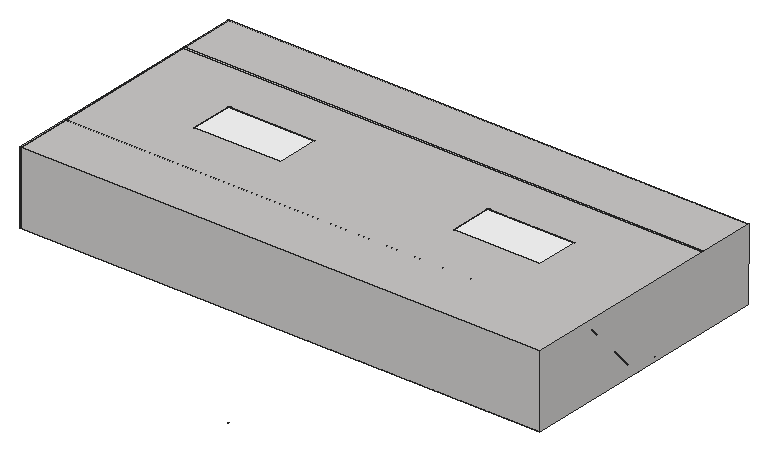
Revit family "QF_ELECTROLUXPROFESSIONAL_642041_EC1836T", category Specialty Equipment, Revit 2014
Reference planes
  plane 1: z = 0
  plane 2 "Center (Left/Right)": x = 150
  plane 3 "LEFT": x = -1650
  plane 4 "RIGHT": x = 1950
  plane 5 "BACK": y = 550
  plane 6 "TOP": z = 2500
  plane 7 "Base": z = 2000
  plane 8: z = 1946
  plane 9: x = -1647
  plane 10 "DrainX": x = 1799
  plane 11 "AOLeft2": x = -450
  plane 12 "AORight1": x = 750
  plane 13: x = 1947
  plane 14: x = -1450
  plane 15: x = 1750
  plane 16: x = 50
  plane 17: x = 250
  plane 18 "AOLeft1": x = -1050
  plane 19 "AORight2": x = 1350
  plane 20: y = -200
  plane 21 "Front": y = -1250
  plane 22: through (0, 60.354, 2382.279) normal (0, 0.766, -0.6428)
  plane 23: through (0, -760.351, 2382.279) normal (0, -0.766, -0.6428)
  plane 24: through (0, 72.154, 2402.468) normal (0, -0.753, 0.6581)
  plane 25: through (0, -772.152, 2402.468) normal (0, -0.753, -0.6581)
  plane 26 "Center (Front/Back)": y = -350
  plane 27: y = -500
Forms (mm)
  Extrusion 1, solid, material "QF_Finishes_Stainless Steel"
    sketch origin (-1650, 0, 360) x (0, 1, 0) y (0, 0, 1)
      loop
        line (550, 1640) -> (550, 2140) -> (-1250, 2140) -> (-1250, 1640) -> (550, 1640)
    from 0 to 3
  Extrusion 2, solid, material "QF_Finishes_Stainless Steel"
    sketch origin (1950, 0, 360) x (0, 1, 0) y (0, 0, 1)
      loop
        line (550, 1640) -> (550, 2140) -> (-1250, 2140) -> (-1250, 1640) -> (550, 1640)
    from 0 to -3
  Extrusion 3, solid, material "QF_Finishes_Stainless Steel"
    sketch origin (150, 0, 360) x (0, 1, 0) y (0, 0, 1)
      loop
        line (-1250, 2140) -> (-1250, 1640) -> (-1240, 1640) -> (-1240, 1640.8) -> (-1249.2, 1640.8) -> (-1249.2, 2139.19) -> (549.2, 2139.19) -> (549.2, 1640.8) -> (540, 1640.8) -> (540, 1640) -> (550, 1640) -> (550, 2140) -> (-1250, 2140)
    from -1800 to 1800
  Extrusion 4, solid, material "QF_Finishes_Stainless Steel"
    sketch origin (0, -900, 2000) x (0, 1, 0) y (-1, 0, 0)
      loop
        circle (550, -1799) r 6.35
    from -3.799 to 0
  Extrusion 5, void
    sketch origin (0, 200, 2500) x (0, 1, 0) y (-1, 0, 0)
      loop
        line (-400, 450) -> (-400, 1050) -> (-700, 1050) -> (-700, 450) -> (-400, 450)
    from 0 to -10
  Extrusion 6, solid, material "QF_Finishes_Stainless Steel"
    sketch origin (0, 0, 0) x (1, 0, 0) y (0, 1, 0)
      loop
        line (-1650, 550) -> (-1650, 549) -> (-1649, 549) -> (-1649, 550) -> (-1650, 550)
    from 0 to 1
  Extrusion 7, solid, material "QF_Finishes_Stainless Steel"
    sketch origin (150, -200, 360) x (0, 1, 0) y (0, 0, 1)
      loop
        line (-79.471, 1685.734) -> (-56.882, 1665.992) -> (272.154, 2042.468) -> (249.566, 2062.21) -> (-79.471, 1685.734)
      loop
        line (-572.152, 2042.468) -> (-243.115, 1665.992) -> (-220.526, 1685.734) -> (-549.563, 2062.21) -> (-572.152, 2042.468)
    from -1600 to -1797
  Extrusion 8, solid, material "QF_Finishes_Stainless Steel"
    sketch origin (150, -200, 360) x (0, 1, 0) y (0, 0, 1)
      loop
        line (360.354, 2141.454) -> (357.903, 2143.511) -> (264.331, 2031.996) -> (266.169, 2030.453) -> (357.41, 2139.19) -> (358.454, 2139.19) -> (360.354, 2141.454)
      loop
        line (-39.202, 1672.761) -> (-56.017, 1663.363) -> (-81.407, 1685.429) -> (-81.974, 1684.862) -> (-54.914, 1661.345) -> (-90.242, 1641.601) -> (-209.758, 1641.601) -> (-245.086, 1661.345) -> (-218.026, 1684.862) -> (-218.593, 1685.429) -> (-243.983, 1663.363) -> (-260.798, 1672.761) -> (-262.311, 1670.055) -> (-209.966, 1640.801) -> (-90.034, 1640.801) -> (-37.689, 1670.055) -> (-39.202, 1672.761)
      loop
        line (-560.354, 2022.279) -> (-557.903, 2024.336) -> (-564.331, 2031.996) -> (-566.169, 2030.453) -> (-657.41, 2139.19) -> (-658.454, 2139.19) -> (-560.354, 2022.279)
    from -1797 to 1797
  Extrusion 9, solid, material "QF_Finishes_Stainless Steel"
    sketch origin (150, -200, 360) x (0, 1, 0) y (0, 0, 1)
      loop
        line (272.154, 2042.468) -> (249.566, 2062.21) -> (-79.471, 1685.734) -> (-56.882, 1665.992) -> (272.154, 2042.468)
      loop
        line (-572.154, 2042.468) -> (-243.118, 1665.992) -> (-220.529, 1685.734) -> (-549.566, 2062.21) -> (-572.154, 2042.468)
    from 1797 to 1600
  Extrusion 10, solid, material "QF_Finishes_Stainless Steel"
    sketch origin (150, -200, 360) x (0, 1, 0) y (0, 0, 1)
      loop
        line (272.154, 2042.468) -> (249.566, 2062.21) -> (-79.471, 1685.734) -> (-56.882, 1665.992) -> (272.154, 2042.468)
      loop
        line (-572.154, 2042.468) -> (-243.118, 1665.992) -> (-220.529, 1685.734) -> (-549.566, 2062.21) -> (-572.154, 2042.468)
    from -100 to 100
  Extrusion 11, solid, material "QF_Finished_Chrome"
    sketch origin (150, -200, 360) x (0, 1, 0) y (0, 0, 1)
      loop
        line (249.566, 2062.21) -> (-79.471, 1685.734) -> (-56.882, 1665.992) -> (272.154, 2042.468) -> (249.566, 2062.21)
      loop
        line (-549.566, 2062.21) -> (-572.154, 2042.468) -> (-243.118, 1665.992) -> (-220.529, 1685.734) -> (-549.566, 2062.21)
    from -1600 to -100
  Extrusion 12, solid, material "QF_Finished_Chrome"
    sketch origin (150, -200, 360) x (0, 1, 0) y (0, 0, 1)
      loop
        line (272.154, 2042.468) -> (249.566, 2062.21) -> (-79.471, 1685.734) -> (-56.882, 1665.992) -> (272.154, 2042.468)
      loop
        line (-572.154, 2042.468) -> (-243.118, 1665.992) -> (-220.529, 1685.734) -> (-549.566, 2062.21) -> (-572.154, 2042.468)
    from 100 to 1600
  Sweep 13, solid, material "QF_Finishes_Stainless Steel"
    path origin (0, 0, 0) x (1, 0, 0) y (0, 1, 0)
      loop
        line (1950, 550) -> (-1650, 550) -> (-1650, -1250) -> (1950, -1250) -> (1950, 550)
    profile origin (1950, -350, 0) x (1, 0, 0) y (0, 0, 1)
      loop
        line (-3, 2000) -> (-3, 2000.8) -> (-19, 2000.8) -> (-19, 2010) -> (-20, 2010) -> (-20, 2000) -> (-3, 2000)
  Extrusion 14, void
    sketch origin (0, 200, 2500) x (0, 1, 0) y (-1, 0, 0)
      loop
        line (-400, -1350) -> (-400, -750) -> (-700, -750) -> (-700, -1350) -> (-400, -1350)
    from 0 to -10
  Extrusion 15, solid, material "QF_Finishes_Stainless Steel"
    sketch origin (1799, 0, 0) x (0, 1, 0) y (0, 0, 1)
      loop
        arc (-305.856, 1994.063) -> (-304.108, 1996.894) -> (-300.97, 1998.001) r 5
        line (-300.97, 1998.001) -> (-295, 1998.001) -> (-295, 2000.8) -> (-405, 2000.8) -> (-405, 1998.001) -> (-399.03, 1998.001)
        arc (-399.03, 1998.001) -> (-395.892, 1996.894) -> (-394.144, 1994.063) r 5
        line (-394.144, 1994.063) -> (-387.14, 1955.845)
        arc (-387.14, 1955.845) -> (-382.769, 1948.768) -> (-374.925, 1946) r 12.5
        line (-374.925, 1946) -> (-325.075, 1946)
        arc (-325.075, 1946) -> (-317.231, 1948.768) -> (-312.86, 1955.845) r 12.5
        line (-312.86, 1955.845) -> (-305.856, 1994.063)
    from -90 to 90
Cuts and joins
  Extrusion 5, Extrusion 14 cuts Extrusion 3
  joined: Extrusion 2, Extrusion 3, Sweep 13
Lines and regions (mm)
  symbolic lines, style "SpecialityEquipment", detail levels coarse
    curve 1: line (1950, 550, 2500) -> (-1650, 550, 2500)
    curve 2: line (-1650, 550, 2500) -> (-1650, -1250.8, 2500)
    curve 3: line (1950, -1250.8, 2500) -> (1950, 550, 2500)
    curve 4: line (-1650, 550, 0) -> (1950, -1250, 0)
    curve 5: line (1950, 550, 0) -> (-1650, -1250, 0)
  symbolic lines, detail levels coarse
    curve 6: line (-1650, -1250, 0) -> (1950, -1250, 0)
    curve 7: line (-1050, -500, 0) -> (-450, -500, 0)
    curve 8: line (-1050, -200, 0) -> (-1050, -500, 0)
    curve 9: line (-450, -200, 0) -> (-1050, -200, 0)
    curve 10: line (-450, -500, 0) -> (-450, -200, 0)
    curve 11: line (750, -200, 0) -> (750, -500, 0)
    curve 12: line (1350, -200, 0) -> (750, -200, 0)
    curve 13: line (1350, -500, 0) -> (1350, -200, 0)
    curve 14: line (750, -500, 0) -> (1350, -500, 0)
Dimensions and locks
  plane 3 "LEFT" to plane 4 "RIGHT" = 3600 mm
  equal spacing: plane 3 "LEFT", plane 2 "Center (Left/Right)", plane 4 "RIGHT"
  plane 3 "LEFT" to plane 9 = 3 mm
  plane 10 "DrainX" to plane 4 "RIGHT" = 151 mm
  plane 13 to plane 4 "RIGHT" = 3 mm
  plane 3 "LEFT" to plane 14 = 200 mm
  plane 15 to plane 4 "RIGHT" = 200 mm
  locked: plane 11 "AOLeft2" to plane 12 "AORight1" at 1200
  equal spacing: plane 11 "AOLeft2", plane 2 "Center (Left/Right)", plane 12 "AORight1"
  locked: plane 7 "Base" to level at 2000
  locked: plane 16 to plane 17 at 200
  equal spacing: plane 16, plane 2 "Center (Left/Right)", plane 17
  plane 18 "AOLeft1" to plane 11 "AOLeft2" = 600 mm
  plane 12 "AORight1" to plane 19 "AORight2" = 600 mm
  plane 7 "Base" to plane 8 = 54 mm
  plane 5 "BACK" to plane 21 "Front" = 1800 mm  (x2)
  equal spacing: plane 5 "BACK", plane 26 "Center (Front/Back)", plane 21 "Front"
  locked: plane 6 "TOP" to plane 7 "Base" at 500
  plane 27 to plane 20 = 300 mm
  equal spacing: plane 27, plane 26 "Center (Front/Back)", plane 20
  aligned and locked: level to plane 1
  aligned and locked: plane 4 "RIGHT" to Extrusion 3
  aligned and locked: Extrusion 3 to plane 3 "LEFT"
  aligned and locked: Extrusion 7 to plane 9
  aligned and locked: plane 14 to Extrusion 7
  aligned and locked: Extrusion 2 to plane 13
  aligned and locked: plane 13 to Extrusion 9
  aligned and locked: plane 15 to Extrusion 9
  aligned and locked: plane 17 to Extrusion 10
  aligned and locked: Extrusion 10 to plane 16
  aligned and locked: plane 16 to Extrusion 11
  aligned and locked: Extrusion 11 to plane 14
  aligned and locked: Extrusion 12 to plane 17
  aligned and locked: Extrusion 12 to plane 15
  aligned and locked: Extrusion 8 to plane 9
  aligned and locked: plane 13 to Extrusion 8
  aligned and locked: Extrusion 5 to plane 18 "AOLeft1"
  aligned and locked: Extrusion 5 to plane 11 "AOLeft2"
  aligned and locked: plane 12 "AORight1" to Extrusion 14
  aligned and locked: plane 19 "AORight2" to Extrusion 14
  aligned and locked: plane 21 "Front" to Sweep 13 sketch curve
  aligned and locked: plane 27 to Extrusion 14
  aligned and locked: plane 27 to Extrusion 5
  aligned and locked: plane 20 to Extrusion 14
  aligned and locked: plane 20 to Extrusion 5
  aligned and locked: curve 7 to Extrusion 5
  aligned and locked: curve 8 to Extrusion 5
  aligned and locked: curve 9 to Extrusion 5
  aligned and locked: curve 10 to Extrusion 5
  aligned and locked: curve 11 to Extrusion 14
  aligned and locked: curve 12 to Extrusion 14
  aligned and locked: curve 13 to Extrusion 14
  aligned and locked: curve 14 to Extrusion 14
Automatic sketch dimensions
  curve 2 to plane 3 "LEFT" = 0 mm
  curve 3 to plane 4 "RIGHT" = 0 mm
  curve 2 to plane 5 "BACK" = 0 mm
  Extrusion 1 sketch curve to plane 7 "Base" = 0 mm
  Extrusion 1 sketch curve to plane 5 "BACK" = 0 mm
  Extrusion 1 sketch curve to plane 6 "TOP" = 0 mm
  Extrusion 2 sketch curve to plane 7 "Base" = 0 mm
  Extrusion 2 sketch curve to plane 5 "BACK" = 0 mm
  Extrusion 2 sketch curve to plane 6 "TOP" = 0 mm
  Extrusion 3 sketch curve to plane 6 "TOP" = 0 mm
  Extrusion 3 sketch curve to plane 7 "Base" = 0 mm  (x2)
  Extrusion 3 sketch curve to plane 5 "BACK" = 0 mm
  Extrusion 3 sketch curve to Extrusion 3 sketch curve = 9.2 mm
  plane 7 "Base" to Extrusion 3 sketch curve = 0.8 mm  (x2)
  Extrusion 3 sketch curve to plane 5 "BACK" = 10 mm
  Extrusion 3 sketch curve to plane 5 "BACK" = 0.8 mm
  Extrusion 3 sketch curve to plane 6 "TOP" = 0.81 mm
  Extrusion 4 sketch curve to plane 10 "DrainX" = 0 mm
  Extrusion 5 sketch curve to plane 11 "AOLeft2" = 0 mm
  Extrusion 5 sketch curve to plane 18 "AOLeft1" = 0 mm
  Extrusion 6 sketch curve to plane 3 "LEFT" = 0 mm
  Extrusion 6 sketch curve to plane 5 "BACK" = 0 mm
  plane 3 "LEFT" to Extrusion 6 sketch curve = 1 mm
  Extrusion 6 sketch curve to Extrusion 6 sketch curve = 1 mm
  Sweep 13 sketch curve to plane 3 "LEFT" = 0 mm
  Sweep 13 sketch curve to plane 4 "RIGHT" = 0 mm
  Sweep 13 sketch curve to plane 5 "BACK" = 0 mm
  profile plane to Sweep 13 sketch curve = 20 mm
  Sweep 13 sketch curve to Sweep 13 sketch curve = 1 mm
  profile plane to Sweep 13 sketch curve = 3 mm
  level to Sweep 13 sketch curve = 2000 mm
  Sweep 13 sketch curve to Sweep 13 sketch curve = 0.8 mm
  Sweep 13 sketch curve to Sweep 13 sketch curve = 9.2 mm
  Extrusion 14 sketch curve to plane 11 "AOLeft2" = 1800 mm
  plane 18 "AOLeft1" to Extrusion 14 sketch curve = 1800 mm
  Extrusion 14 sketch curve to Extrusion 14 sketch curve = 300 mm
  Extrusion 3 sketch curve to Extrusion 3 sketch curve = 0.8 mm
  curve 5 to plane 3 "LEFT" = 0 mm
  curve 4 to plane 3 "LEFT" = 0 mm
  curve 5 to plane 4 "RIGHT" = 0 mm
  curve 6 to plane 4 "RIGHT" = 0 mm
  curve 4 to plane 5 "BACK" = 0 mm
  curve 5 to plane 5 "BACK" = 0 mm
  curve 6 to plane 21 "Front" = 0 mm
  Extrusion 7 sketch curve to plane 24 = 0 mm  (x2)
  Extrusion 7 sketch curve to plane 6 "TOP" = 77.79 mm  (x2)
  plane 7 "Base" to Extrusion 7 sketch curve = 25.992 mm  (x2)
  plane 7 "Base" to Extrusion 7 sketch curve = 45.734 mm
  Extrusion 7 sketch curve to plane 25 = 0 mm
  plane 25 to Extrusion 7 sketch curve = 0 mm
  Extrusion 11 sketch curve to plane 24 = 0 mm  (x2)
  Extrusion 11 sketch curve to plane 6 "TOP" = 77.79 mm  (x2)
  Extrusion 11 sketch curve to Extrusion 11 sketch curve = 22.589 mm
  plane 7 "Base" to Extrusion 11 sketch curve = 25.992 mm  (x2)
  Extrusion 10 sketch curve to plane 24 = 0 mm  (x2)
  Extrusion 10 sketch curve to plane 6 "TOP" = 77.79 mm  (x2)
  Extrusion 10 sketch curve to Extrusion 10 sketch curve = 22.589 mm
  plane 7 "Base" to Extrusion 10 sketch curve = 25.992 mm  (x2)
  Extrusion 12 sketch curve to plane 24 = 0 mm  (x2)
  Extrusion 12 sketch curve to plane 6 "TOP" = 77.79 mm  (x2)
  Extrusion 12 sketch curve to Extrusion 12 sketch curve = 22.589 mm
  plane 7 "Base" to Extrusion 12 sketch curve = 25.992 mm  (x2)
  Extrusion 9 sketch curve to plane 24 = 0 mm  (x2)
  Extrusion 9 sketch curve to plane 6 "TOP" = 77.79 mm  (x2)
  Extrusion 9 sketch curve to Extrusion 9 sketch curve = 22.589 mm
  plane 7 "Base" to Extrusion 9 sketch curve = 25.992 mm  (x2)
  Extrusion 4 sketch curve to plane 20 = 150 mm
  plane 7 "Base" to Extrusion 9 sketch curve = 45.734 mm
  plane 7 "Base" to Extrusion 10 sketch curve = 45.734 mm
  plane 7 "Base" to Extrusion 11 sketch curve = 45.734 mm
  plane 7 "Base" to Extrusion 12 sketch curve = 45.734 mm
  plane 26 "Center (Front/Back)" to Extrusion 5 sketch curve = 150 mm
  plane 22 to Extrusion 8 sketch curve = 0 mm  (x2)
  Extrusion 8 sketch curve to plane 6 "TOP" = 0.81 mm  (x2)
  plane 21 "Front" to Extrusion 8 sketch curve = 391.546 mm
  Extrusion 8 sketch curve to Extrusion 8 sketch curve = 1.044 mm
  Extrusion 8 sketch curve to plane 6 "TOP" = 109.547 mm  (x2)
  Extrusion 8 sketch curve to Extrusion 8 sketch curve = 91.241 mm
  Extrusion 8 sketch curve to plane 6 "TOP" = 108.004 mm  (x2)
  Extrusion 8 sketch curve to plane 6 "TOP" = 117.721 mm
  plane 7 "Base" to Extrusion 8 sketch curve = 30.055 mm
  plane 7 "Base" to Extrusion 8 sketch curve = 32.761 mm  (x2)
  Extrusion 8 sketch curve to Extrusion 8 sketch curve = 1.512 mm
  plane 7 "Base" to Extrusion 8 sketch curve = 21.345 mm  (x2)
  Extrusion 8 sketch curve to Extrusion 8 sketch curve = 17.225 mm
  plane 7 "Base" to Extrusion 8 sketch curve = 23.363 mm  (x2)
  Extrusion 8 sketch curve to Extrusion 8 sketch curve = 25.389 mm  (x2)
  Extrusion 8 sketch curve to Extrusion 8 sketch curve = 0.567 mm  (x4)
  plane 7 "Base" to Extrusion 8 sketch curve = 0.801 mm
  Extrusion 8 sketch curve to Extrusion 8 sketch curve = 0.208 mm  (x2)
  plane 7 "Base" to Extrusion 8 sketch curve = 1.601 mm
  Extrusion 8 sketch curve to Extrusion 8 sketch curve = 8.268 mm
  Extrusion 8 sketch curve to Extrusion 8 sketch curve = 1.103 mm
  Extrusion 8 sketch curve to Extrusion 8 sketch curve = 16.816 mm
  plane 20 to Extrusion 8 sketch curve = 357.903 mm
  Extrusion 8 sketch curve to Extrusion 8 sketch curve = 2.451 mm
  Extrusion 8 sketch curve to Extrusion 8 sketch curve = 21.498 mm  (x2)
  curve 3 to plane 21 "Front" = 0.8 mm
  curve 2 to plane 21 "Front" = 0.8 mm
  Extrusion 1 sketch curve to plane 21 "Front" = 0 mm
  Extrusion 2 sketch curve to plane 21 "Front" = 0 mm
  Extrusion 3 sketch curve to plane 21 "Front" = 0 mm
  Extrusion 5 sketch curve to plane 26 "Center (Front/Back)" = 150 mm
  Extrusion 7 sketch curve to plane 26 "Center (Front/Back)" = 399.563 mm
  Extrusion 8 sketch curve to plane 26 "Center (Front/Back)" = 112.311 mm
  plane 26 "Center (Front/Back)" to Extrusion 8 sketch curve = 59.758 mm
  Extrusion 9 sketch curve to plane 26 "Center (Front/Back)" = 70.529 mm
  Extrusion 9 sketch curve to plane 26 "Center (Front/Back)" = 399.566 mm
  Extrusion 10 sketch curve to plane 26 "Center (Front/Back)" = 70.529 mm
  Extrusion 10 sketch curve to plane 26 "Center (Front/Back)" = 399.566 mm
  Extrusion 11 sketch curve to plane 26 "Center (Front/Back)" = 70.529 mm
  Extrusion 11 sketch curve to plane 26 "Center (Front/Back)" = 399.566 mm
  Extrusion 12 sketch curve to plane 26 "Center (Front/Back)" = 70.529 mm
  Extrusion 12 sketch curve to plane 26 "Center (Front/Back)" = 399.566 mm
  Extrusion 14 sketch curve to plane 20 = 0 mm
  Extrusion 15 sketch curve to plane 8 = 0 mm
  Extrusion 15 sketch curve to plane 7 "Base" = 1.999 mm  (x2)
  Extrusion 15 sketch curve to plane 26 "Center (Front/Back)" = 55 mm
  Extrusion 15 sketch curve to Extrusion 15 sketch curve = 5.97 mm  (x2)
  Extrusion 15 sketch curve to plane 7 "Base" = 5.937 mm  (x2)
  Extrusion 15 sketch curve to Extrusion 15 sketch curve = 4.886 mm  (x2)
  plane 8 to Extrusion 15 sketch curve = 9.845 mm  (x2)
  Extrusion 15 sketch curve to plane 26 "Center (Front/Back)" = 37.14 mm
  Extrusion 15 sketch curve to Extrusion 15 sketch curve = 12.215 mm  (x2)
  plane 26 "Center (Front/Back)" to Extrusion 15 sketch curve = 24.925 mm
  Extrusion 15 sketch curve to Extrusion 15 sketch curve = 7.004 mm
  plane 7 "Base" to Extrusion 15 sketch curve = 0.8 mm
  radius of Extrusion 4 sketch curve = 6.35 mm
Connectors
  piping at (1799, -350, 1996.201), diameter 12.7
    settings: on Extrusion 4, index 1, connector inside diameter 609.6 mm, connector length 0 mm, flow factor 0, pipe flow 0.0 L/s, pressure drop 0.0 Pa, fitting loss kfactor 0, connector angle 0.00°, fixture units 0, engagement length 0 mm, angle of deflection 0.00°, flow configuration 1, flow direction 2, fitting loss method 0, system type 16, joint type 0, gender type 0, connector reference index -1, connector utility 0, adjustable connector no, is connector primary yes, connector description "Drain"
  hvac at (-750, -350, 2500)
    settings: on Extrusion 5, index 2, duct flow 0.0 L/s, flow factor 0, pres drop 0.0 Pa, loss coef 0, conn angle 0.00°, conn width 300 mm, conn height 600 mm, conn diameter 609.6 mm, duct sys type 3, conn prof type 1, flow config 1, flow direction 2, loss method 0, conn ref index -1, conn util no, is conn primary yes, conn desc "EXHAUST OUTLET"
  hvac at (1050, -350, 2500)
    settings: on Extrusion 14, index 3, duct flow 0.0 L/s, flow factor 0, pres drop 0.0 Pa, loss coef 0, conn angle 0.00°, conn width 300 mm, conn height 600 mm, conn diameter 609.6 mm, duct sys type 3, conn prof type 1, flow config 1, flow direction 2, loss method 0, conn ref index -1, conn util no, is conn primary no, conn desc "EXHAUST OUTLET"
